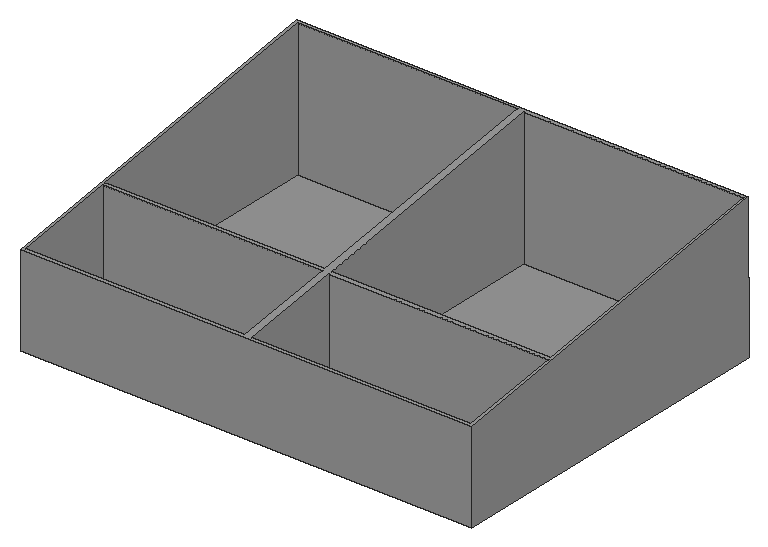
Revit family "DKTL0013_revit", category Generic Models, Revit 2017
Family settings
  Can host rebar = No
  Round Connector Dimension = Use Diameter
  Part Type = Normal
  Work Plane-Based = No
  Always vertical = Yes
  Cut with Voids When Loaded = No
  Shared = No
  Room Calculation Point = No
Parameters
  Website = "https://dolphy.in/"  # constant formula
  Contact number = "+91 9520202035"  # constant formula
  Contact email = "info@dolphy.in"  # constant formula
  Company name = "Dolphy India"  # constant formula
Reference planes
  plane 1 "Center (Front/Back)": y = 0
  plane 2: z = 0
  plane 3 "Center (Left/Right)": x = 0
  plane 4: z = 48
Forms (mm)
  Extrusion 1, solid, material "Black"
    sketch origin (-75.256, 0, 2.751) x (0, -1, 0) y (0, 0, 1)
      loop
        line (55.489, -2.751) -> (55.489, 27.249) -> (-59.511, 45.249) -> (-59.511, -2.751) -> (55.489, -2.751)
    from -150.256 to -0.256
  Extrusion 2, void
    sketch origin (0, 0, 0) x (1, 0, 0) y (0, 1, 0)
      loop
        line (-74.107, 58.684) -> (-74.107, -21.316) -> (-1.107, -21.316) -> (-1.107, 58.684) -> (-74.107, 58.684)
      loop
        line (-74.107, -22.316) -> (-74.107, -54.489) -> (-1.107, -54.489) -> (-1.107, -22.316) -> (-74.107, -22.316)
      loop
        line (74.107, 58.684) -> (1.107, 58.684) -> (1.107, -21.316) -> (74.107, -21.316) -> (74.107, 58.684)
      loop
        line (74.107, -22.316) -> (1.107, -22.316) -> (1.107, -54.489) -> (74.107, -54.489) -> (74.107, -22.316)
    from 55.916 to 2.425
Cuts and joins
  Extrusion 2 cuts Extrusion 1
Dimensions and locks
  level to plane 4 = 48 mm
  Extrusion 2 sketch curve to Extrusion 2 sketch curve = 73 mm  (x4)
  Extrusion 2 sketch curve to Extrusion 2 sketch curve = 80 mm  (x2)
  Extrusion 1 to Extrusion 2 sketch curve = 0.893 mm
  Extrusion 2 sketch curve to plane 3 "Center (Left/Right)" = 1.107 mm  (x2)
  Extrusion 1 to Extrusion 2 sketch curve = 0.827 mm  (x2)
  Extrusion 2 sketch curve to Extrusion 2 sketch curve = 32.173 mm  (x2)
  Extrusion 2 sketch curve to Extrusion 2 sketch curve = 1 mm  (x2)
  Extrusion 2 sketch curve to Extrusion 1 = 1 mm  (x2)
  cut or joined group of Extrusion 1, Extrusion 2 to cut or joined group of Extrusion 1, Extrusion 2 = 150 mm  (x2)
  cut or joined group of Extrusion 1, Extrusion 2 to cut or joined group of Extrusion 1, Extrusion 2 = 115 mm
  cut or joined group of Extrusion 1, Extrusion 2 to cut or joined group of Extrusion 1, Extrusion 2 = 73 mm
  cut or joined group of Extrusion 1, Extrusion 2 to cut or joined group of Extrusion 1, Extrusion 2 = 80 mm
  cut or joined group of Extrusion 1, Extrusion 2 to cut or joined group of Extrusion 1, Extrusion 2 = 32.173 mm
  aligned and locked: level to plane 2
